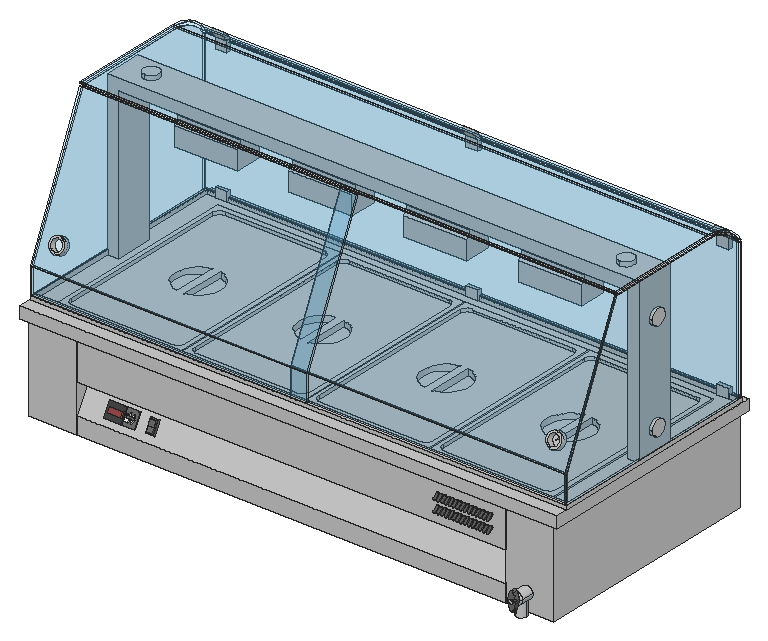
Revit family "QF_INOMAK_MBV614_250605024519", category Specialty Equipment, Revit 2021
Family settings
  Round Connector Dimension = Use Diameter
  Part Type = Normal
  OmniClass Number = 23.40.40.14
  OmniClass Title = Food Service Equipment
  Work Plane-Based = No
  Always vertical = Yes
  Cut with Voids When Loaded = No
  Shared = No
  Room Calculation Point = No
Parameters (values of type "MBV614")
  Weight [instance] = 69.9984 kg
  Waste Water Discharge Temperature [instance] = 0 °C
  Waste Remarks [instance] = ""
  Warranty Start Date [instance] = ""
  Warranty Duration [instance] = ""
  Volts [instance] = 230 V
  Volt Free Conn [instance] = no
  URL Recommended Spares List [instance] = ""
  URL Manufacturer [instance] = ""
  URL Cutsheet [instance] = ""
  URL Critical Spares List [instance] = ""
  URL = "www.inomak.com"
  Technical Documentation [instance] = ""
  Tag Number [instance] = ""
  Status [instance] = ""
  Start Up Current [instance] = 0 A
  Specification by User [instance] = ""
  Specification by Manufacturer [instance] = ""
  Sound Level [instance] = ""
  Show Logo [instance] = yes
  Show Clearances [instance] = yes
  Service Life Duration [instance] = ""
  Serial Number [instance] = ""
  Seismic Rating [instance] = ""
  SMACNA No [instance] = ""
  Revision Code [instance] = ""
  Revision [instance] = ""
  Production Year [instance] = ""
  Potential Equalisation [instance] = no
  Point Load [instance] = 0
  Plumbing Connection Type [instance] = ""
  Phase [instance] = 1
  Other Equipment Approvals [instance] = ""
  Operational Current [instance] = 0 A
  Number of Poles [instance] = 2
  No Load Power Draw [instance] = no
  NAFEM Spec ID Number [instance] = ""
  Model Warning [instance] = ""
  Model = "MBV614"
  Min Ckt Ampacity [instance] = 0 A
  Max Overcurrent Protection [instance] = 16 A
  Masterspec [instance] = ""
  Manufacturer = "INOMAK"
  Main switch integrated [instance] = no
  Length Actual [instance] = 1405.89 mm
  Item Number [instance] = ""
  Installed By [instance] = ""
  Installation Date [instance] = ""
  Indirect Waste Size [instance] = 25.4 mm
  Indirect Waste Remarks [instance] = ""
  Indirect Waste Flow [instance] = 0.0 L/s
  Indirect Waste Connection Type [instance] = ""
  Indirect Waste Connection Height [instance] = 0 mm
  Identify Quantity as Lot [instance] = no
  ID [instance] = ""
  Hygiene Approval [instance] = ""
  Height Actual [instance] = 707.898 mm
  HP power [instance] = ""
  Furnished By [instance] = ""
  Foodservice Equipment Identifier [instance] = no
  FL Amps [instance] = 11 A
  Electrical Remarks [instance] = ""
  Electric power [instance] = 2520 W
  Electric Connection Type [instance] = ""
  Elec Conn RI Height [instance] = 0 mm
  Elec Conn Connection Height [instance] = 0 mm
  ETL Approved [instance] = no
  Direct Waste Water Discharge Temperature [instance] = -273.15 °C
  Direct Waste Size [instance] = 25.4 mm
  Direct Waste RI Height [instance] = 0 mm
  Direct Waste Flow [instance] = 0.0 L/s
  Direct Waste Connection Height [instance] = 0 mm
  Description = "PORTABLE BAIN MARIE WITH 4 GN PANS CAPACITY AND SHOWCASE"
  Depth Actual [instance] = 628.904 mm
  Default Elevation = 0 mm
  Cycle [instance] = 50 Hz
  Cost = 0
  Connection to energy optimisation system [instance] = yes
  Conn Plug [instance] = ""
  Conn Conduit [instance] = no
  Centralized building control system with digital interface [instance] = ""
  CSI MasterFormat [instance] = ""
  CE Approved [instance] = no
  Barcode [instance] = 0
  Author [instance] = ""
  Asset Identifier [instance] = ""
  Apparent Power [instance] = 2520 VA
  Accessory [instance] = no
Reference planes
  plane 1 "Center (Front/Back)": y = 0
  plane 2: z = 0
  plane 3 "Center (Left/Right)": x = 0
Forms (mm)
  Extrusion 1, solid, not visible
    sketch origin (1320.064, -600.029, 12.001) x (1, 0, 0) y (0, 1, 0)
      loop
        line (-2, 2) -> (-2, -2) -> (2, -2) -> (2, 2) -> (-2, 2)
    from -2 to 2
  Extrusion 2, solid, not visible
    sketch origin (80.004, -600.029, 12.001) x (1, 0, 0) y (0, 1, 0)
      loop
        line (-2, 2) -> (-2, -2) -> (2, -2) -> (2, 2) -> (-2, 2)
    from -2 to 2
Dimensions and locks
  locked: nested 2 to Extrusion 1 at 2  (x2)
  locked: nested 3 to Extrusion 2 at 2  (x2)
  aligned and locked: level to plane 2
Nested families
  nested 1: "QF_INOMAK_PORTABLE_BAIN_MARIES_1410_2920" at (0, 0, 0), type "MBV614"
    with Weight 69.9984 kg, Warranty Start Date "", Warranty Duration "", URL Cutsheet "", Technical Documentation "", Tag Number "", Status "", Specification by User "", Specification by Manufacturer "", Sound Level "", Solid Fuel Type "", Show Logo yes, Show Clearances yes, Service Life Duration "", Serial Number "", Seismic Rating "", SMACNA No "", Revision Code "", Revision "", Production Year "", Point Load 0, Other Equipment Approvals "", NAFEM Spec ID Number "", Model Warning "", Masterspec "", Length Actual 1405.89 mm, Item Number "", Installed By "", Installation Date "", Identify Quantity as Lot yes, ID "", Hygiene Approval "", Height Actual 707.898 mm, Furnished By "", Foodservice Equipment Identifier yes, ETL Approved yes, Depth Actual 628.904 mm, CSI MasterFormat "", CE Approved yes, Barcode "", Author "", Asset Identifier "", Accessory no
  nested 2: "CONN_POINT_DRAIN_2D___Generic_Annotation" at (1320.064, -600.029, 10), type "CONN_POINT_DRAIN_2D___Generic_Annotation"
    with Onboard connection annotation symbol visibility yes
  nested 3: "CONN_POINT_ELE_2D___Generic_Annotation" at (80.004, -600.029, 10), type "CONN_POINT_ELE_2D___Generic_Annotation"
    with Onboard connection annotation symbol visibility yes
  nested 4: "QF_INOMAK_HEAT_WORKTOPS_HTVF_1410_4767" at (0, 0, 268), type "HTVF-1410-630"
    with Weight 0.00 kg, Warranty Start Date "", Warranty Duration "", URL Cutsheet "", Technical Documentation "", Tag Number "", Status "", Specification by User "", Specification by Manufacturer "", Sound Level "", Solid Fuel Type "", Show Logo yes, Show Clearances yes, Service Life Duration "", Serial Number "", Seismic Rating "", SMACNA No "", Revision Code "", Revision "", Production Year "", Point Load 0, Other Equipment Approvals "", NAFEM Spec ID Number "", Model Warning "", Masterspec "", Length Actual 1405.89 mm, Item Number "", Installed By "", Installation Date "", Identify Quantity as Lot yes, ID "", Hygiene Approval "", Height Actual 439.928 mm, Furnished By "", Foodservice Equipment Identifier yes, ETL Approved yes, Depth Actual 629.92 mm, CSI MasterFormat "", CE Approved yes, Barcode "", Author "", Asset Identifier "", Accessory yes
Connectors
  piping at (1320.064, -600.029, 10), diameter 25.4, driven by "Indirect Waste Size", driven by "Direct Waste Flow"
    settings: on Extrusion 1, index 1, connector inside diameter 609.6 mm, connector length 0 mm, flow factor 0, pipe flow 0.0 L/s, pressure drop 0.0 Pa, fitting loss kfactor 0, connector angle 0.00°, fixture units 0, engagement length 0 mm, angle of deflection 0.00°, flow configuration 1, flow direction 2, fitting loss method 0, system type 16, joint type 0, gender type 0, connector reference index -1, connector utility 0, adjustable connector no, is connector primary yes, connector description "Waste connection for MBV614"
  electrical at (80.004, -600.029, 10), driven by "Apparent Power", driven by "Number of Poles", driven by "Volts"
    settings: on Extrusion 2, index 2, voltage 230 V, apparent load 0 VA, apparent load phase1 2520 VA, apparent load phase2 0 VA, apparent load phase3 0 VA, power factor 1, load classification "Other", number of poles 2, system type 31, power factor state 1, is connector primary yes, connector utility no, sub classification motor no, connector description "Electrical connection for MBV614"
Definition of nested family "QF_INOMAK_PORTABLE_BAIN_MARIES_1410_2920"
  Parameters (values of type "MSV614")
    Weight [instance] = 0.00 kg
    Warranty Start Date [instance] = ""
    Warranty Duration [instance] = ""
    URL Cutsheet [instance] = ""
    URL = "www.inomak.com"
    Technical Documentation [instance] = ""
    Tag Number [instance] = ""
    Status [instance] = ""
    Specification by User [instance] = ""
    Specification by Manufacturer [instance] = ""
    Sound Level [instance] = ""
    Solid Fuel Type [instance] = ""
    Show Logo [instance] = yes
    Show Clearances [instance] = yes
    Service Life Duration [instance] = ""
    Serial Number [instance] = ""
    Seismic Rating [instance] = ""
    SMACNA No [instance] = ""
    Revision Code [instance] = ""
    Revision [instance] = ""
    Production Year [instance] = ""
    Point Load [instance] = 0
    Other Equipment Approvals [instance] = ""
    NAFEM Spec ID Number [instance] = ""
    Model Warning [instance] = ""
    Model = "MSV614"
    Masterspec [instance] = ""
    Manufacturer = "INOMAK"
    Length Actual [instance] = 0 mm
    Item Number [instance] = ""
    Installed By [instance] = ""
    Installation Date [instance] = ""
    Identify Quantity as Lot [instance] = yes
    ID [instance] = ""
    Hygiene Approval [instance] = ""
    Height Actual [instance] = 0 mm
    Furnished By [instance] = ""
    Foodservice Equipment Identifier [instance] = yes
    ETL Approved [instance] = yes
    Description = "PORTABLE BAIN MARIE WITH 4 GN PANS CAPACITY AND DOUBLE SNEEZE GUARD"
    Depth Actual [instance] = 0 mm
    Default Elevation = 0 mm
    CSI MasterFormat [instance] = ""
    CE Approved [instance] = yes
    Barcode [instance] = ""
    Author [instance] = ""
    Asset Identifier [instance] = ""
    Assembly Code = "E1090320"
    Accessory [instance] = yes
  Types (5, lengths in mm): name | Model | Description
    MBV614 | "MBV614" | "PORTABLE BAIN MARIE WITH 4 GN PANS CAPACITY AND SHOWCASE"
    MEV614 | "MEV614" | "PORTABLE BAIN MARIE WITH 4 GN PANS CAPACITY AND SINGLE SNEEZE GUARD"
    MSV614 | "MSV614" | "PORTABLE BAIN MARIE WITH 4 GN PANS CAPACITY AND DOUBLE SNEEZE GUARD"
    MBSQ614 | "MBSQ614" | "PORTABLE BAIN MARIE WITH 4 GN PANS CAPACITY AND SQUARE SHOWCASE"
    MAV614 | "MAV614" | "PORTABLE BAIN MARIE WITH 4 GN PANS CAPACITY"
  Reference planes
    plane 1 "Back": y = 0
    plane 2: z = 0
    plane 3 "Left": x = 0
    plane 4 "Right": x = 1406
    plane 5 "Front": y = -629
    plane 6 "Top": z = 268
  Forms (mm)
    Extrusion 1, solid
      sketch origin (562.428, -636, -16.393) x (-1, 0, 0) y (0, 0, 1)
        loop
          arc (-522.253, 222.665) -> (-526.351, 223.763) -> (-527.449, 219.665) r 3
          line (-527.449, 219.665) -> (-518.449, 204.077)
          arc (-518.449, 204.077) -> (-514.351, 202.979) -> (-513.253, 207.077) r 3
          line (-513.253, 207.077) -> (-522.253, 222.665)
        loop
          arc (-532.253, 222.665) -> (-536.351, 223.763) -> (-537.449, 219.665) r 3
          line (-537.449, 219.665) -> (-528.449, 204.077)
          arc (-528.449, 204.077) -> (-524.351, 202.979) -> (-523.253, 207.077) r 3
          line (-523.253, 207.077) -> (-532.253, 222.665)
        loop
          arc (-542.253, 222.665) -> (-546.351, 223.763) -> (-547.449, 219.665) r 3
          line (-547.449, 219.665) -> (-538.449, 204.077)
          arc (-538.449, 204.077) -> (-534.351, 202.979) -> (-533.253, 207.077) r 3
          line (-533.253, 207.077) -> (-542.253, 222.665)
        loop
          arc (-552.253, 222.665) -> (-556.351, 223.763) -> (-557.449, 219.665) r 3
          line (-557.449, 219.665) -> (-548.449, 204.077)
          arc (-548.449, 204.077) -> (-544.351, 202.979) -> (-543.253, 207.077) r 3
          line (-543.253, 207.077) -> (-552.253, 222.665)
        loop
          arc (-562.253, 222.665) -> (-566.351, 223.763) -> (-567.449, 219.665) r 3
          line (-567.449, 219.665) -> (-558.449, 204.077)
          arc (-558.449, 204.077) -> (-554.351, 202.979) -> (-553.253, 207.077) r 3
          line (-553.253, 207.077) -> (-562.253, 222.665)
        loop
          arc (-572.253, 222.665) -> (-576.351, 223.763) -> (-577.449, 219.665) r 3
          line (-577.449, 219.665) -> (-568.449, 204.077)
          arc (-568.449, 204.077) -> (-564.351, 202.979) -> (-563.253, 207.077) r 3
          line (-563.253, 207.077) -> (-572.253, 222.665)
        loop
          arc (-582.253, 222.665) -> (-586.351, 223.763) -> (-587.449, 219.665) r 3
          line (-587.449, 219.665) -> (-578.449, 204.077)
          arc (-578.449, 204.077) -> (-574.351, 202.979) -> (-573.253, 207.077) r 3
          line (-573.253, 207.077) -> (-582.253, 222.665)
        loop
          arc (-592.253, 222.665) -> (-596.351, 223.763) -> (-597.449, 219.665) r 3
          line (-597.449, 219.665) -> (-588.449, 204.077)
          arc (-588.449, 204.077) -> (-584.351, 202.979) -> (-583.253, 207.077) r 3
          line (-583.253, 207.077) -> (-592.253, 222.665)
        loop
          arc (-602.253, 222.665) -> (-606.351, 223.763) -> (-607.449, 219.665) r 3
          line (-607.449, 219.665) -> (-598.449, 204.077)
          arc (-598.449, 204.077) -> (-594.351, 202.979) -> (-593.253, 207.077) r 3
          line (-593.253, 207.077) -> (-602.253, 222.665)
        loop
          arc (-612.253, 222.665) -> (-616.351, 223.763) -> (-617.449, 219.665) r 3
          line (-617.449, 219.665) -> (-608.449, 204.077)
          arc (-608.449, 204.077) -> (-604.351, 202.979) -> (-603.253, 207.077) r 3
          line (-603.253, 207.077) -> (-612.253, 222.665)
        loop
          arc (-622.253, 222.665) -> (-626.351, 223.763) -> (-627.449, 219.665) r 3
          line (-627.449, 219.665) -> (-618.449, 204.077)
          arc (-618.449, 204.077) -> (-614.351, 202.979) -> (-613.253, 207.077) r 3
          line (-613.253, 207.077) -> (-622.253, 222.665)
        loop
          arc (-632.253, 222.665) -> (-636.351, 223.763) -> (-637.449, 219.665) r 3
          line (-637.449, 219.665) -> (-628.449, 204.077)
          arc (-628.449, 204.077) -> (-624.351, 202.979) -> (-623.253, 207.077) r 3
          line (-623.253, 207.077) -> (-632.253, 222.665)
        loop
          arc (-642.253, 222.665) -> (-646.351, 223.763) -> (-647.449, 219.665) r 3
          line (-647.449, 219.665) -> (-638.449, 204.077)
          arc (-638.449, 204.077) -> (-634.351, 202.979) -> (-633.253, 207.077) r 3
          line (-633.253, 207.077) -> (-642.253, 222.665)
        loop
          arc (-652.253, 222.665) -> (-656.351, 223.763) -> (-657.449, 219.665) r 3
          line (-657.449, 219.665) -> (-648.449, 204.077)
          arc (-648.449, 204.077) -> (-644.351, 202.979) -> (-643.253, 207.077) r 3
          line (-643.253, 207.077) -> (-652.253, 222.665)
        loop
          arc (-662.253, 222.665) -> (-666.351, 223.763) -> (-667.449, 219.665) r 3
          line (-667.449, 219.665) -> (-658.449, 204.077)
          arc (-658.449, 204.077) -> (-654.351, 202.979) -> (-653.253, 207.077) r 3
          line (-653.253, 207.077) -> (-662.253, 222.665)
        loop
          arc (-522.253, 192.665) -> (-526.351, 193.763) -> (-527.449, 189.665) r 3
          line (-527.449, 189.665) -> (-518.449, 174.077)
          arc (-518.449, 174.077) -> (-514.351, 172.979) -> (-513.253, 177.077) r 3
          line (-513.253, 177.077) -> (-522.253, 192.665)
        loop
          arc (-532.253, 192.665) -> (-536.351, 193.763) -> (-537.449, 189.665) r 3
          line (-537.449, 189.665) -> (-528.449, 174.077)
          arc (-528.449, 174.077) -> (-524.351, 172.979) -> (-523.253, 177.077) r 3
          line (-523.253, 177.077) -> (-532.253, 192.665)
        loop
          arc (-542.253, 192.665) -> (-546.351, 193.763) -> (-547.449, 189.665) r 3
          line (-547.449, 189.665) -> (-538.449, 174.077)
          arc (-538.449, 174.077) -> (-534.351, 172.979) -> (-533.253, 177.077) r 3
          line (-533.253, 177.077) -> (-542.253, 192.665)
        loop
          arc (-552.253, 192.665) -> (-556.351, 193.763) -> (-557.449, 189.665) r 3
          line (-557.449, 189.665) -> (-548.449, 174.077)
          arc (-548.449, 174.077) -> (-544.351, 172.979) -> (-543.253, 177.077) r 3
          line (-543.253, 177.077) -> (-552.253, 192.665)
        loop
          arc (-562.253, 192.665) -> (-566.351, 193.763) -> (-567.449, 189.665) r 3
          line (-567.449, 189.665) -> (-558.449, 174.077)
          arc (-558.449, 174.077) -> (-554.351, 172.979) -> (-553.253, 177.077) r 3
          line (-553.253, 177.077) -> (-562.253, 192.665)
        loop
          arc (-572.253, 192.665) -> (-576.351, 193.763) -> (-577.449, 189.665) r 3
          line (-577.449, 189.665) -> (-568.449, 174.077)
          arc (-568.449, 174.077) -> (-564.351, 172.979) -> (-563.253, 177.077) r 3
          line (-563.253, 177.077) -> (-572.253, 192.665)
        loop
          arc (-582.253, 192.665) -> (-586.351, 193.763) -> (-587.449, 189.665) r 3
          line (-587.449, 189.665) -> (-578.449, 174.077)
          arc (-578.449, 174.077) -> (-574.351, 172.979) -> (-573.253, 177.077) r 3
          line (-573.253, 177.077) -> (-582.253, 192.665)
        loop
          arc (-592.253, 192.665) -> (-596.351, 193.763) -> (-597.449, 189.665) r 3
          line (-597.449, 189.665) -> (-588.449, 174.077)
          arc (-588.449, 174.077) -> (-584.351, 172.979) -> (-583.253, 177.077) r 3
          line (-583.253, 177.077) -> (-592.253, 192.665)
        loop
          arc (-602.253, 192.665) -> (-606.351, 193.763) -> (-607.449, 189.665) r 3
          line (-607.449, 189.665) -> (-598.449, 174.077)
          arc (-598.449, 174.077) -> (-594.351, 172.979) -> (-593.253, 177.077) r 3
          line (-593.253, 177.077) -> (-602.253, 192.665)
        loop
          arc (-612.253, 192.665) -> (-616.351, 193.763) -> (-617.449, 189.665) r 3
          line (-617.449, 189.665) -> (-608.449, 174.077)
          arc (-608.449, 174.077) -> (-604.351, 172.979) -> (-603.253, 177.077) r 3
          line (-603.253, 177.077) -> (-612.253, 192.665)
        loop
          arc (-622.253, 192.665) -> (-626.351, 193.763) -> (-627.449, 189.665) r 3
          line (-627.449, 189.665) -> (-618.449, 174.077)
          arc (-618.449, 174.077) -> (-614.351, 172.979) -> (-613.253, 177.077) r 3
          line (-613.253, 177.077) -> (-622.253, 192.665)
        loop
          arc (-632.253, 192.665) -> (-636.351, 193.763) -> (-637.449, 189.665) r 3
          line (-637.449, 189.665) -> (-628.449, 174.077)
          arc (-628.449, 174.077) -> (-624.351, 172.979) -> (-623.253, 177.077) r 3
          line (-623.253, 177.077) -> (-632.253, 192.665)
        loop
          arc (-642.253, 192.665) -> (-646.351, 193.763) -> (-647.449, 189.665) r 3
          line (-647.449, 189.665) -> (-638.449, 174.077)
          arc (-638.449, 174.077) -> (-634.351, 172.979) -> (-633.253, 177.077) r 3
          line (-633.253, 177.077) -> (-642.253, 192.665)
        loop
          arc (-652.253, 192.665) -> (-656.351, 193.763) -> (-657.449, 189.665) r 3
          line (-657.449, 189.665) -> (-648.449, 174.077)
          arc (-648.449, 174.077) -> (-644.351, 172.979) -> (-643.253, 177.077) r 3
          line (-643.253, 177.077) -> (-652.253, 192.665)
        loop
          arc (-662.253, 192.665) -> (-666.351, 193.763) -> (-667.449, 189.665) r 3
          line (-667.449, 189.665) -> (-658.449, 174.077)
          arc (-658.449, 174.077) -> (-654.351, 172.979) -> (-653.253, 177.077) r 3
          line (-653.253, 177.077) -> (-662.253, 192.665)
      from 16.5 to 18.5
    Extrusion 2, solid
      sketch origin (0, -641.208, 0) x (-1, 0, 0) y (0, 0, 1)
        loop
          line (-15, 10) -> (-15, 238) -> (-140, 238) -> (-140, 10) -> (-15, 10)
      from 22.208 to 631.208
    Extrusion 3, solid
      sketch origin (0, 0, 238) x (1, 0, 0) y (0, 1, 0)
        loop
          line (0, 0) -> (0, -629) -> (1406, -629) -> (1406, 0) -> (0, 0)
        loop
          line (53, -579) -> (1353, -579) -> (1353, -49) -> (53, -49) -> (53, -579)
      from 0 to 30
    Extrusion 4, solid
      sketch origin (1406, -641.208, 0) x (1, 0, 0) y (0, 0, -1)
        loop
          line (-15, -10) -> (-140, -10) -> (-140, -238) -> (-15, -238) -> (-15, -10)
      from 22.208 to 631.208
    Extrusion 5, solid
      sketch origin (-2, 0, 0) x (0, 1, 0) y (0, 0, 1)
        loop
          line (-619, 238) -> (-619, 133.92) -> (-579, 124.282) -> (-619, 55) -> (-619, 10) -> (-10, 10) -> (-10, 238) -> (-619, 238)
      from 142 to 1268
    Revolve 6, solid
      sketch origin (0, -594, 0) x (-1, 0, 0) y (0, 0, 1)
        loop
          line (-27.5, 10) -> (-40, 10) -> (-40, 0) -> (-30, 0) -> (-27.5, 10)
        axis (-40, 0) -> (-40, 10)
      angle from 0 to 360
    Revolve 7, solid
      sketch origin (1406, -594, 0) x (1, 0, 0) y (0, 0, -1)
        loop
          line (-27.5, -10) -> (-30, 0) -> (-40, 0) -> (-40, -10) -> (-27.5, -10)
        axis (-40, 0) -> (-40, -10)
      angle from 0 to 360
    Extrusion 8, solid
      sketch origin (-2, -646.329, 9.665) x (-1, 0, 0) y (0, 0.5, 0.866025)
        loop
          line (-208.234, 108.408) -> (-253.234, 108.408) -> (-253.234, 68.408) -> (-208.234, 68.408) -> (-208.234, 108.408)
      from 0 to 2
    Extrusion 9, solid
      sketch origin (-613.766, -619.914, 59.417) x (-1, 0, 0) y (0, 0.5, 0.866025)
        loop
          line (-950, 15) -> (-930, 15) -> (-930, 50) -> (-950, 50) -> (-950, 15)
      from 0 to 3
    Extrusion 10, solid
      sketch origin (-585.766, -511.66, -3.083) x (0, 0.866025, -0.5) y (0, 0.5, 0.866025)
        loop
          line (-125, 18) -> (-125, 47)
          arc (-125, 47) -> (-127.961, 46.812) -> (-130.754, 45.81) r 10.576
          line (-130.754, 45.81) -> (-128, 32.5) -> (-128, 18) -> (-125, 18)
      from 905 to 919
    Extrusion 11, solid
      sketch origin (43, -646.329, 9.665) x (-1, 0, 0) y (0, 0.5, 0.866025)
        loop
          line (-208.234, 108.408) -> (-243.234, 108.408) -> (-243.234, 68.408) -> (-208.234, 68.408) -> (-208.234, 108.408)
      from 0 to 2
    Extrusion 12, solid
      sketch origin (-2, -646.762, 9.915) x (-1, 0, 0) y (0, 0.5, 0.866025)
        loop
          line (-213.234, 94.908) -> (-248.234, 94.908) -> (-248.234, 81.908) -> (-213.234, 81.908) -> (-213.234, 94.908)
      from 0 to 2.5
    Extrusion 13, solid
      sketch origin (-2, -646.762, 9.915) x (-1, 0, 0) y (0, 0.5, 0.866025)
        loop
          line (-271.558, 91.171) -> (-275.802, 98.522) -> (-280.047, 91.171) -> (-271.558, 91.171)
        loop
          line (-271.558, 85.645) -> (-280.047, 85.645) -> (-275.802, 78.294) -> (-271.558, 85.645)
        loop
          line (-257.397, 85.645) -> (-267.397, 85.645) -> (-267.397, 78.294) -> (-257.397, 78.294) -> (-257.397, 85.645)
        loop
          line (-265.397, 98.522) -> (-267.397, 98.522) -> (-267.397, 92.322) -> (-259.549, 92.322) -> (-259.549, 91.171) -> (-257.397, 93.322) -> (-259.549, 95.474) -> (-259.549, 94.322) -> (-265.397, 94.322) -> (-265.397, 98.522)
      from 0 to 2.5
    Revolve 14, solid
      sketch origin (0, -25, 0) x (-1, 0, 0) y (0, 0, -1)
        loop
          line (-27.5, -10) -> (-30, 0) -> (-40, 0) -> (-40, -10) -> (-27.5, -10)
        axis (-40, 0) -> (-40, -10)
      angle from 0 to 360
    Revolve 15, solid
      sketch origin (1406, -25, 0) x (1, 0, 0) y (0, 0, 1)
        loop
          line (-27.5, 10) -> (-40, 10) -> (-40, 0) -> (-30, 0) -> (-27.5, 10)
        axis (-40, 0) -> (-40, 10)
      angle from 0 to 360
    Extrusion 16, solid
      sketch origin (648, 4.125, 0) x (1, 0, 0) y (0, 1, 0)
        loop
          circle (672.38, -640.973) r 13
        loop
          circle (672.38, -640.973) r 11
      from 10 to 55
    Revolve 17, solid
      sketch origin (648, 1, 55) x (1, 0, 0) y (0, 1, 0)
        loop
          line (657.38, -620) -> (657.38, -651.68) -> (662.497, -655.973) -> (672.497, -655.973) -> (672.497, -620) -> (657.38, -620)
        axis (672.497, -655.973) -> (672.497, -620)
      angle from 0 to 360
    Extrusion 18, solid
      sketch origin (648, -629, 0) x (-1, 0, 0) y (0, 0, 1)
        loop
          circle (-672.38, 55) r 5
      from -41.78 to -25.973
    Extrusion 19, solid
      sketch origin (648, -629, 0) x (-1, 0, 0) y (0, 0, 1)
        loop
          arc (-682.087, 57.836) -> (-682.497, 55) -> (-682.087, 52.164) r 10
          line (-682.087, 52.164) -> (-676.619, 33.676)
          arc (-676.619, 33.676) -> (-672.497, 30.597) -> (-668.376, 33.676) r 4.298
          line (-668.376, 33.676) -> (-662.908, 52.164)
          arc (-662.908, 52.164) -> (-662.497, 55) -> (-662.908, 57.836) r 10
          line (-662.908, 57.836) -> (-668.376, 76.324)
          arc (-668.376, 76.324) -> (-672.497, 79.403) -> (-676.619, 76.324) r 4.298
          line (-676.619, 76.324) -> (-682.087, 57.836)
      from -39.243 to -29.243
    Extrusion 20, solid
      sketch origin (-2, 1, 0) x (1, 0, 0) y (0, 1, 0)
        loop
          line (55, -50) -> (55, -580) -> (380, -580) -> (380, -50) -> (55, -50)
        loop
          arc (87.5, -65) -> (73.358, -70.858) -> (67.5, -85) r 20
          line (67.5, -85) -> (67.5, -545.415)
          arc (67.5, -545.415) -> (73.358, -559.557) -> (87.5, -565.415) r 20
          line (87.5, -565.415) -> (347.5, -565.415)
          arc (347.5, -565.415) -> (361.642, -559.557) -> (367.5, -545.415) r 20
          line (367.5, -545.415) -> (367.5, -85)
          arc (367.5, -85) -> (361.642, -70.858) -> (347.5, -65) r 20
          line (347.5, -65) -> (87.5, -65)
      from 238 to 270
    Extrusion 21, solid
      sketch origin (-2, 1, -7) x (1, 0, 0) y (0, 1, 0)
        loop
          arc (67.5, -545.415) -> (73.358, -559.557) -> (87.5, -565.415) r 20
          line (87.5, -565.415) -> (347.5, -565.415)
          arc (347.5, -565.415) -> (361.642, -559.557) -> (367.5, -545.415) r 20
          line (367.5, -545.415) -> (367.5, -85)
          arc (367.5, -85) -> (361.642, -70.858) -> (347.5, -65) r 20
          line (347.5, -65) -> (87.5, -65)
          arc (87.5, -65) -> (73.358, -70.858) -> (67.5, -85) r 20
          line (67.5, -85) -> (67.5, -545.415)
      from 245 to 270
    Extrusion 22, void
      sketch origin (-2, 1, 8) x (1, 0, 0) y (0, 1, 0)
        loop
          arc (207.5, -256.046) -> (157.5, -315.207) -> (207.5, -374.368) r 60
          line (207.5, -374.368) -> (207.5, -256.046)
        loop
          line (227.5, -256.046) -> (227.5, -374.368)
          arc (227.5, -374.368) -> (277.5, -315.207) -> (227.5, -256.046) r 60
      from 240 to 270
    Extrusion 23, solid
      sketch origin (323, 1, 0) x (1, 0, 0) y (0, 1, 0)
        loop
          line (55, -50) -> (55, -580) -> (380, -580) -> (380, -50) -> (55, -50)
        loop
          arc (87.5, -65) -> (73.358, -70.858) -> (67.5, -85) r 20
          line (67.5, -85) -> (67.5, -545.415)
          arc (67.5, -545.415) -> (73.358, -559.557) -> (87.5, -565.415) r 20
          line (87.5, -565.415) -> (347.5, -565.415)
          arc (347.5, -565.415) -> (361.642, -559.557) -> (367.5, -545.415) r 20
          line (367.5, -545.415) -> (367.5, -85)
          arc (367.5, -85) -> (361.642, -70.858) -> (347.5, -65) r 20
          line (347.5, -65) -> (87.5, -65)
      from 238 to 270
    Extrusion 24, solid
      sketch origin (323, 1, -7) x (1, 0, 0) y (0, 1, 0)
        loop
          arc (67.5, -545.415) -> (73.358, -559.557) -> (87.5, -565.415) r 20
          line (87.5, -565.415) -> (347.5, -565.415)
          arc (347.5, -565.415) -> (361.642, -559.557) -> (367.5, -545.415) r 20
          line (367.5, -545.415) -> (367.5, -85)
          arc (367.5, -85) -> (361.642, -70.858) -> (347.5, -65) r 20
          line (347.5, -65) -> (87.5, -65)
          arc (87.5, -65) -> (73.358, -70.858) -> (67.5, -85) r 20
          line (67.5, -85) -> (67.5, -545.415)
      from 245 to 270
    Extrusion 25, void
      sketch origin (323, 1, 8) x (1, 0, 0) y (0, 1, 0)
        loop
          arc (207.5, -256.046) -> (157.5, -315.207) -> (207.5, -374.368) r 60
          line (207.5, -374.368) -> (207.5, -256.046)
        loop
          line (227.5, -256.046) -> (227.5, -374.368)
          arc (227.5, -374.368) -> (277.5, -315.207) -> (227.5, -256.046) r 60
      from 240 to 270
    Extrusion 26, solid
      sketch origin (648, 1, 0) x (1, 0, 0) y (0, 1, 0)
        loop
          line (55, -50) -> (55, -580) -> (380, -580) -> (380, -50) -> (55, -50)
        loop
          arc (87.5, -65) -> (73.358, -70.858) -> (67.5, -85) r 20
          line (67.5, -85) -> (67.5, -545.415)
          arc (67.5, -545.415) -> (73.358, -559.557) -> (87.5, -565.415) r 20
          line (87.5, -565.415) -> (347.5, -565.415)
          arc (347.5, -565.415) -> (361.642, -559.557) -> (367.5, -545.415) r 20
          line (367.5, -545.415) -> (367.5, -85)
          arc (367.5, -85) -> (361.642, -70.858) -> (347.5, -65) r 20
          line (347.5, -65) -> (87.5, -65)
      from 238 to 270
    Extrusion 27, solid
      sketch origin (648, 1, -7) x (1, 0, 0) y (0, 1, 0)
        loop
          arc (67.5, -545.415) -> (73.358, -559.557) -> (87.5, -565.415) r 20
          line (87.5, -565.415) -> (347.5, -565.415)
          arc (347.5, -565.415) -> (361.642, -559.557) -> (367.5, -545.415) r 20
          line (367.5, -545.415) -> (367.5, -85)
          arc (367.5, -85) -> (361.642, -70.858) -> (347.5, -65) r 20
          line (347.5, -65) -> (87.5, -65)
          arc (87.5, -65) -> (73.358, -70.858) -> (67.5, -85) r 20
          line (67.5, -85) -> (67.5, -545.415)
      from 245 to 270
    Extrusion 28, void
      sketch origin (648, 1, 8) x (1, 0, 0) y (0, 1, 0)
        loop
          arc (207.5, -256.046) -> (157.5, -315.207) -> (207.5, -374.368) r 60
          line (207.5, -374.368) -> (207.5, -256.046)
        loop
          line (227.5, -256.046) -> (227.5, -374.368)
          arc (227.5, -374.368) -> (277.5, -315.207) -> (227.5, -256.046) r 60
      from 240 to 270
    Extrusion 29, solid
      sketch origin (973, 1, 0) x (1, 0, 0) y (0, 1, 0)
        loop
          line (55, -50) -> (55, -580) -> (380, -580) -> (380, -50) -> (55, -50)
        loop
          arc (87.5, -65) -> (73.358, -70.858) -> (67.5, -85) r 20
          line (67.5, -85) -> (67.5, -545.415)
          arc (67.5, -545.415) -> (73.358, -559.557) -> (87.5, -565.415) r 20
          line (87.5, -565.415) -> (347.5, -565.415)
          arc (347.5, -565.415) -> (361.642, -559.557) -> (367.5, -545.415) r 20
          line (367.5, -545.415) -> (367.5, -85)
          arc (367.5, -85) -> (361.642, -70.858) -> (347.5, -65) r 20
          line (347.5, -65) -> (87.5, -65)
      from 238 to 270
    Extrusion 30, solid
      sketch origin (973, 1, -7) x (1, 0, 0) y (0, 1, 0)
        loop
          arc (67.5, -545.415) -> (73.358, -559.557) -> (87.5, -565.415) r 20
          line (87.5, -565.415) -> (347.5, -565.415)
          arc (347.5, -565.415) -> (361.642, -559.557) -> (367.5, -545.415) r 20
          line (367.5, -545.415) -> (367.5, -85)
          arc (367.5, -85) -> (361.642, -70.858) -> (347.5, -65) r 20
          line (347.5, -65) -> (87.5, -65)
          arc (87.5, -65) -> (73.358, -70.858) -> (67.5, -85) r 20
          line (67.5, -85) -> (67.5, -545.415)
      from 245 to 270
    Extrusion 31, void
      sketch origin (973, 1, 8) x (1, 0, 0) y (0, 1, 0)
        loop
          arc (207.5, -256.046) -> (157.5, -315.207) -> (207.5, -374.368) r 60
          line (207.5, -374.368) -> (207.5, -256.046)
        loop
          line (227.5, -256.046) -> (227.5, -374.368)
          arc (227.5, -374.368) -> (277.5, -315.207) -> (227.5, -256.046) r 60
      from 240 to 270
  Cuts and joins
    Extrusion 22, Extrusion 25 cuts Extrusion 21
    Extrusion 25, Extrusion 28 cuts Extrusion 24
    Extrusion 28, Extrusion 31 cuts Extrusion 27
    Extrusion 31 cuts Extrusion 30
  Lines and regions (mm)
    symbolic lines
      curve 1: line (0, 0, 0) -> (1406, 0, 0)
      curve 2: line (0, -629, 0) -> (0, 0, 0)
      curve 3: line (1406, -629, 0) -> (0, -629, 0)
      curve 4: line (1406, 0, 0) -> (1406, -629, 0)
      curve 5: line (53, -49, 0) -> (1353, -49, 0)
      curve 6: line (53, -579, 0) -> (53, -49, 0)
      curve 7: line (1353, -579, 0) -> (53, -579, 0)
      curve 8: line (703, -49, 0) -> (703, -579, 0)
      curve 9: line (378, -49, 0) -> (378, -579, 0)
      curve 10: line (1028, -49, 0) -> (1028, -579, 0)
      curve 11: line (1353, -49, 0) -> (1353, -579, 0)
      curve 12: arc (65.5, -84, 0) -> (71.358, -69.858, 0) -> (85.5, -64, 0) r 20
      curve 13: line (85.5, -64, 0) -> (345.5, -64, 0)
      curve 14: arc (345.5, -64, 0) -> (359.642, -69.858, 0) -> (365.5, -84, 0) r 20
      curve 15: line (365.5, -84, 0) -> (365.5, -544.415, 0)
      curve 16: arc (365.5, -544.415, 0) -> (359.642, -558.557, 0) -> (345.5, -564.415, 0) r 20
      curve 17: line (345.5, -564.415, 0) -> (85.5, -564.415, 0)
      curve 18: arc (85.5, -564.415, 0) -> (71.358, -558.557, 0) -> (65.5, -544.415, 0) r 20
      curve 19: line (65.5, -544.415, 0) -> (65.5, -84, 0)
      curve 20: arc (205.5, -255.046, 0) -> (155.5, -314.207, 0) -> (205.5, -373.368, 0) r 60
      curve 21: line (205.5, -373.368, 0) -> (205.5, -255.046, 0)
      curve 22: line (225.5, -255.046, 0) -> (225.5, -373.368, 0)
      curve 23: arc (225.5, -373.368, 0) -> (275.5, -314.207, 0) -> (225.5, -255.046, 0) r 60
      curve 24: arc (390.5, -84, 0) -> (396.358, -69.858, 0) -> (410.5, -64, 0) r 20
      curve 25: line (410.5, -64, 0) -> (670.5, -64, 0)
      curve 26: arc (670.5, -64, 0) -> (684.642, -69.858, 0) -> (690.5, -84, 0) r 20
      curve 27: line (690.5, -84, 0) -> (690.5, -544.415, 0)
      curve 28: line (390.5, -544.415, 0) -> (390.5, -84, 0)
      curve 29: arc (410.5, -564.415, 0) -> (396.358, -558.557, 0) -> (390.5, -544.415, 0) r 20
      curve 30: line (670.5, -564.415, 0) -> (410.5, -564.415, 0)
      curve 31: arc (690.5, -544.415, 0) -> (684.642, -558.557, 0) -> (670.5, -564.415, 0) r 20
      curve 32: arc (550.5, -373.368, 0) -> (600.5, -314.207, 0) -> (550.5, -255.046, 0) r 60
      curve 33: arc (530.5, -255.046, 0) -> (480.5, -314.207, 0) -> (530.5, -373.368, 0) r 60
      curve 34: line (530.5, -373.368, 0) -> (530.5, -255.046, 0)
      curve 35: line (550.5, -255.046, 0) -> (550.5, -373.368, 0)
      curve 36: arc (715.5, -84, 0) -> (721.358, -69.858, 0) -> (735.5, -64, 0) r 20
      curve 37: line (735.5, -64, 0) -> (995.5, -64, 0)
      curve 38: arc (995.5, -64, 0) -> (1009.642, -69.858, 0) -> (1015.5, -84, 0) r 20
      curve 39: line (1015.5, -84, 0) -> (1015.5, -544.415, 0)
      curve 40: arc (1015.5, -544.415, 0) -> (1009.642, -558.557, 0) -> (995.5, -564.415, 0) r 20
      curve 41: line (995.5, -564.415, 0) -> (735.5, -564.415, 0)
      curve 42: arc (735.5, -564.415, 0) -> (721.358, -558.557, 0) -> (715.5, -544.415, 0) r 20
      curve 43: line (715.5, -544.415, 0) -> (715.5, -84, 0)
      curve 44: arc (855.5, -255.046, 0) -> (805.5, -314.207, 0) -> (855.5, -373.368, 0) r 60
      curve 45: arc (875.5, -373.368, 0) -> (925.5, -314.207, 0) -> (875.5, -255.046, 0) r 60
      curve 46: line (875.5, -255.046, 0) -> (875.5, -373.368, 0)
      curve 47: line (855.5, -373.368, 0) -> (855.5, -255.046, 0)
      curve 48: arc (1040.5, -84, 0) -> (1046.358, -69.858, 0) -> (1060.5, -64, 0) r 20
      curve 49: line (1060.5, -64, 0) -> (1320.5, -64, 0)
      curve 50: arc (1320.5, -64, 0) -> (1334.642, -69.858, 0) -> (1340.5, -84, 0) r 20
      curve 51: line (1340.5, -84, 0) -> (1340.5, -544.415, 0)
      curve 52: arc (1340.5, -544.415, 0) -> (1334.642, -558.557, 0) -> (1320.5, -564.415, 0) r 20
      curve 53: line (1320.5, -564.415, 0) -> (1060.5, -564.415, 0)
      curve 54: arc (1060.5, -564.415, 0) -> (1046.358, -558.557, 0) -> (1040.5, -544.415, 0) r 20
      curve 55: line (1040.5, -544.415, 0) -> (1040.5, -84, 0)
      curve 56: arc (1180.5, -255.046, 0) -> (1130.5, -314.207, 0) -> (1180.5, -373.368, 0) r 60
      curve 57: line (1180.5, -373.368, 0) -> (1180.5, -255.046, 0)
      curve 58: line (1200.5, -255.046, 0) -> (1200.5, -373.368, 0)
      curve 59: arc (1200.5, -373.368, 0) -> (1250.5, -314.207, 0) -> (1200.5, -255.046, 0) r 60
  Dimensions and locks
    plane 3 "Left" to plane 4 "Right" = 1406 mm
    plane 5 "Front" to plane 1 "Back" = 629 mm
    plane 6 "Top" to plane 2 = 268 mm
    aligned and locked: level to plane 2
Definition of nested family "QF_INOMAK_HEAT_WORKTOPS_HTVF_1410_4767"
  Parameters (values of type "HTVF-1410-630")
    Weight [instance] = 0.00 kg
    Warranty Start Date [instance] = ""
    Warranty Duration [instance] = ""
    URL Cutsheet [instance] = ""
    URL = "www.inomak.com"
    Technical Documentation [instance] = ""
    Tag Number [instance] = ""
    Status [instance] = ""
    Specification by User [instance] = ""
    Specification by Manufacturer [instance] = ""
    Sound Level [instance] = ""
    Solid Fuel Type [instance] = ""
    Show Logo [instance] = yes
    Show Clearances [instance] = yes
    Service Life Duration [instance] = ""
    Serial Number [instance] = ""
    Seismic Rating [instance] = ""
    SMACNA No [instance] = ""
    Revision Code [instance] = ""
    Revision [instance] = ""
    Production Year [instance] = ""
    Point Load [instance] = 0
    Other Equipment Approvals [instance] = ""
    NAFEM Spec ID Number [instance] = ""
    Model Warning [instance] = ""
    Model = "HTVF"
    Masterspec [instance] = ""
    Manufacturer = "INOMAK"
    Length Actual [instance] = 0 mm
    Item Number [instance] = ""
    Installed By [instance] = ""
    Installation Date [instance] = ""
    Identify Quantity as Lot [instance] = yes
    ID [instance] = ""
    Hygiene Approval [instance] = ""
    Height Actual [instance] = 0 mm
    Furnished By [instance] = ""
    Foodservice Equipment Identifier [instance] = yes
    ETL Approved [instance] = yes
    Description = "FULL LENGTH VITRINE"
    Depth Actual [instance] = 0 mm
    Default Elevation = 0 mm
    CSI MasterFormat [instance] = ""
    CE Approved [instance] = yes
    Barcode [instance] = ""
    Author [instance] = ""
    Asset Identifier [instance] = ""
    Assembly Code = "E1090320"
    Accessory [instance] = yes
  Reference planes
    plane 1 "Back": y = 0
    plane 2: z = 0
    plane 3 "Left": x = 0
    plane 4 "Right": x = 1406
    plane 5 "Front": y = -630
    plane 6 "Top": z = 440
  Forms (mm)
    Extrusion 1, solid
      sketch origin (1080, -2300.77, 3167) x (0, -1, 0) y (0, 0, 1)
        loop
          line (-2280.77, -3157) -> (-2275.77, -3157) -> (-2275.77, -2791.06) -> (-2280.77, -2791.06) -> (-2280.77, -3157)
      from -326 to 1080
    Extrusion 2, solid
      sketch origin (0, 0, -833) x (0, 1, 0) y (0, 0, 1)
        loop
          line (-596, 843) -> (-30, 843) -> (-30, 1210.94)
          arc (-30, 1210.94) -> (-72.588, 1249.179) -> (-128.129, 1263) r 118.514
          line (-128.129, 1263) -> (-432.792, 1263) -> (-596, 913) -> (-596, 843)
      from 0 to 5
    Extrusion 3, solid
      sketch origin (1080, 0, -833) x (0, -1, 0) y (0, 0, 1)
        loop
          line (20, 1213.94) -> (25.993, 1213.94)
          arc (25.993, 1213.94) -> (70.349, 1253.652) -> (128.129, 1268) r 123.514
          line (128.129, 1268) -> (432.8, 1268) -> (432.8, 1273) -> (128.129, 1273)
          arc (128.129, 1273) -> (66.526, 1257.273) -> (20, 1213.94) r 128.514
      from -326 to 1080
    Extrusion 4, solid
      sketch origin (0, 1874.578, 0) x (0, 1, 0) y (-1, 0, 0)
        loop
          line (-1894.578, 0) -> (-2470.578, 0) -> (-2470.578, -1406) -> (-1894.578, -1406) -> (-1894.578, 0)
        loop
          line (-2460.578, -5) -> (-2460.578, -1401) -> (-1899.578, -1401) -> (-1899.578, -5) -> (-2460.578, -5)
      from 0 to 10
    Extrusion 5, solid
      sketch origin (1406, -2300.77, 3167) x (0, -1, 0) y (0, 0, 1)
        loop
          line (-1704.77, -3157) -> (-1704.77, -3087) -> (-1867.977, -2737) -> (-2172.64, -2737)
          arc (-2172.64, -2737) -> (-2228.182, -2750.821) -> (-2270.77, -2789.06) r 118.514
          line (-2270.77, -2789.06) -> (-2270.77, -3157) -> (-1704.77, -3157)
      from 0 to 5
    Extrusion 6, solid
      sketch origin (789.276, 0, -833) x (0, -1, 0) y (0, 0, 1)
        loop
          line (596, 913) -> (432.792, 1263) -> (427.275, 1263) -> (591, 911.892) -> (591, 843) -> (596, 843) -> (596, 913)
      from 63.776 to 784.276
    Extrusion 7, solid
      sketch origin (326.724, 0, -833) x (0, -1, 0) y (0, 0, -1)
        loop
          line (591, -843) -> (586, -843) -> (586, -910.783) -> (421.759, -1263) -> (427.275, -1263) -> (591, -911.892) -> (591, -843)
      from 351.776 to 1074.276
    Extrusion 8, void
      sketch origin (789.276, -596, 80) x (0, -0.422618, -0.906308) y (-1, 0, 0)
        loop
          circle (-59.994, 736.477) r 20
      from -10.04 to 20
    Extrusion 9, solid
      sketch origin (789.276, -596, 80) x (0, 0.422618, 0.906308) y (-1, 0, 0)
        loop
          circle (59.994, 736.477) r 15
        loop
          circle (59.994, 736.477) r 20
      from -10 to 5
    Extrusion 10, solid
      sketch origin (326.724, -591, 78.892) x (0, 0.422618, 0.906308) y (-1, 0, 0)
        loop
          circle (58.886, -1026.477) r 15
        loop
          circle (58.886, -1026.477) r 20
      from -10 to 5
    Extrusion 11, void
      sketch origin (326.724, -591, 78.892) x (0, -0.422618, -0.906308) y (-1, 0, 0)
        loop
          circle (-58.886, -1026.477) r 20
      from -17.606 to 20.583
    Extrusion 12, solid
      sketch origin (60, 0, -833) x (0, -1, 0) y (0, 0, 1)
        loop
          line (18, 1214.525) -> (18, 1183.94) -> (27, 1183.94) -> (27, 1211.854)
          arc (27, 1211.854) -> (33.636, 1220.884) -> (41.076, 1229.265) r 121.514
          line (41.076, 1229.265) -> (34.712, 1235.629)
          arc (34.712, 1235.629) -> (25.81, 1225.509) -> (18, 1214.525) r 130.514
      from 0 to 30
    Extrusion 13, solid
      sketch origin (718, 0, -833) x (0, -1, 0) y (0, 0, 1)
        loop
          line (18, 1214.525) -> (18, 1183.94) -> (27, 1183.94) -> (27, 1211.854)
          arc (27, 1211.854) -> (33.636, 1220.884) -> (41.076, 1229.265) r 121.514
          line (41.076, 1229.265) -> (34.712, 1235.629)
          arc (34.712, 1235.629) -> (25.81, 1225.509) -> (18, 1214.525) r 130.514
      from 0 to 30
    Extrusion 14, solid
      sketch origin (790, 0, -873) x (0, -1, 0) y (0, 0, 1)
        loop
          line (18, 873) -> (27, 873) -> (27, 898) -> (18, 898) -> (18, 873)
      from 730 to 760
    Extrusion 15, solid
      sketch origin (1448, 0, -873) x (0, -1, 0) y (0, 0, 1)
        loop
          line (18, 873) -> (27, 873) -> (27, 898) -> (18, 898) -> (18, 873)
      from 730 to 760
    Extrusion 16, solid
      sketch origin (0, -695.221, -833) x (-1, 0, 0) y (0, 0, 1)
        loop
          line (-5, 833) -> (-5, 1258) -> (-1401, 1258) -> (-1401, 833) -> (-1371, 833) -> (-1371, 1228) -> (-35, 1228) -> (-35, 833) -> (-5, 833)
      from 345.221 to 445.221
    Extrusion 17, solid
      sketch origin (790, 0, -833) x (0, -1, 0) y (0, 0, 1)
        loop
          circle (300, 1158) r 20
      from 785 to 795
    Extrusion 18, solid
      sketch origin (790, 0, 1357) x (0, -1, 0) y (0, 0, 1)
        loop
          circle (300, -1292) r 20
      from 785 to 795
    Extrusion 19, solid
      sketch origin (616, 0, -833) x (0, -1, 0) y (0, 0, -1)
        loop
          circle (300, -1158) r 20
      from 785 to 795
    Extrusion 20, solid
      sketch origin (616, 0, 1357) x (0, -1, 0) y (0, 0, -1)
        loop
          circle (300, 1292) r 20
      from 785 to 795
    Extrusion 21, solid
      sketch origin (0, 1874.578, 40) x (0, 1, 0) y (-1, 0, 0)
        loop
          circle (-2174.578, -80) r 20
      from 385 to 395
    Extrusion 22, solid
      sketch origin (326, 1874.578, 40) x (0, 1, 0) y (-1, 0, 0)
        loop
          circle (-2174.578, -1000) r 20
      from 385 to 395
    Extrusion 23, solid
      sketch origin (1346, 0, -833) x (0, -1, 0) y (0, 0, -1)
        loop
          arc (18, -1214.525) -> (25.81, -1225.509) -> (34.712, -1235.629) r 130.514
          line (34.712, -1235.629) -> (41.076, -1229.265)
          arc (41.076, -1229.265) -> (33.636, -1220.884) -> (27, -1211.854) r 121.514
          line (27, -1211.854) -> (27, -1183.94) -> (18, -1183.94) -> (18, -1214.525)
      from 0 to 30
    Extrusion 24, solid
      sketch origin (616, 0, -873) x (0, -1, 0) y (0, 0, -1)
        loop
          line (18, -873) -> (18, -898) -> (27, -898) -> (27, -873) -> (18, -873)
      from 730 to 760
    Extrusion 25, solid
      sketch origin (159, 0, 0) x (0, 1, 0) y (0, 0, 1)
        loop
          line (-265, 395) -> (-335, 395) -> (-335, 385) -> (-324.393, 374.393) -> (-275.607, 374.393) -> (-265, 385) -> (-265, 395)
      from 10 to 175
    Extrusion 26, solid
      sketch origin (169, 0, 0) x (0, 1, 0) y (0, 0, 1)
        loop
          line (-275.607, 374.393) -> (-324.393, 374.393) -> (-324.393, 364.393) -> (-335, 353.787) -> (-335, 305) -> (-265, 305) -> (-265, 353.787) -> (-275.607, 364.393) -> (-275.607, 374.393)
      from 0 to 5
    Extrusion 27, solid
      sketch origin (174, 0, 0) x (0, 1, 0) y (0, 0, 1)
        loop
          line (-275.607, 374.393) -> (-324.393, 374.393) -> (-324.393, 364.393) -> (-335, 353.787) -> (-335, 305) -> (-330, 305) -> (-330, 348.787) -> (-270, 348.787) -> (-270, 305) -> (-265, 305) -> (-265, 353.787) -> (-275.607, 364.393) -> (-275.607, 374.393)
      from 0 to 155
    Extrusion 28, solid
      sketch origin (329, 0, 0) x (0, 1, 0) y (0, 0, 1)
        loop
          line (-275.607, 374.393) -> (-324.393, 374.393) -> (-324.393, 364.393) -> (-335, 353.787) -> (-335, 305) -> (-265, 305) -> (-265, 353.787) -> (-275.607, 364.393) -> (-275.607, 374.393)
      from 0 to 5
    Extrusion 29, solid
      sketch origin (460, 0, 0) x (0, 1, 0) y (0, 0, 1)
        loop
          line (-265, 395) -> (-335, 395) -> (-335, 385) -> (-324.393, 374.393) -> (-275.607, 374.393) -> (-265, 385) -> (-265, 395)
      from 10 to 175
    Extrusion 30, solid
      sketch origin (470, 0, 0) x (0, 1, 0) y (0, 0, 1)
        loop
          line (-275.607, 374.393) -> (-324.393, 374.393) -> (-324.393, 364.393) -> (-335, 353.787) -> (-335, 305) -> (-265, 305) -> (-265, 353.787) -> (-275.607, 364.393) -> (-275.607, 374.393)
      from 0 to 5
    Extrusion 31, solid
      sketch origin (475, 0, 0) x (0, 1, 0) y (0, 0, 1)
        loop
          line (-275.607, 374.393) -> (-324.393, 374.393) -> (-324.393, 364.393) -> (-335, 353.787) -> (-335, 305) -> (-330, 305) -> (-330, 348.787) -> (-270, 348.787) -> (-270, 305) -> (-265, 305) -> (-265, 353.787) -> (-275.607, 364.393) -> (-275.607, 374.393)
      from 0 to 155
    Extrusion 32, solid
      sketch origin (630, 0, 0) x (0, 1, 0) y (0, 0, 1)
        loop
          line (-275.607, 374.393) -> (-324.393, 374.393) -> (-324.393, 364.393) -> (-335, 353.787) -> (-335, 305) -> (-265, 305) -> (-265, 353.787) -> (-275.607, 364.393) -> (-275.607, 374.393)
      from 0 to 5
    Extrusion 33, solid
      sketch origin (1247, 0, 0) x (0, 1, 0) y (0, 0, -1)
        loop
          line (-265, -395) -> (-265, -385) -> (-275.607, -374.393) -> (-324.393, -374.393) -> (-335, -385) -> (-335, -395) -> (-265, -395)
      from 10 to 175
    Extrusion 34, solid
      sketch origin (1237, 0, 0) x (0, 1, 0) y (0, 0, -1)
        loop
          line (-275.607, -374.393) -> (-275.607, -364.393) -> (-265, -353.787) -> (-265, -305) -> (-335, -305) -> (-335, -353.787) -> (-324.393, -364.393) -> (-324.393, -374.393) -> (-275.607, -374.393)
      from 0 to 5
    Extrusion 35, solid
      sketch origin (1232, 0, 0) x (0, 1, 0) y (0, 0, -1)
        loop
          line (-275.607, -374.393) -> (-275.607, -364.393) -> (-265, -353.787) -> (-265, -305) -> (-270, -305) -> (-270, -348.787) -> (-330, -348.787) -> (-330, -305) -> (-335, -305) -> (-335, -353.787) -> (-324.393, -364.393) -> (-324.393, -374.393) -> (-275.607, -374.393)
      from 0 to 155
    Extrusion 36, solid
      sketch origin (1077, 0, 0) x (0, 1, 0) y (0, 0, -1)
        loop
          line (-275.607, -374.393) -> (-275.607, -364.393) -> (-265, -353.787) -> (-265, -305) -> (-335, -305) -> (-335, -353.787) -> (-324.393, -364.393) -> (-324.393, -374.393) -> (-275.607, -374.393)
      from 0 to 5
    Extrusion 37, solid
      sketch origin (946, 0, 0) x (0, 1, 0) y (0, 0, -1)
        loop
          line (-265, -395) -> (-265, -385) -> (-275.607, -374.393) -> (-324.393, -374.393) -> (-335, -385) -> (-335, -395) -> (-265, -395)
      from 10 to 175
    Extrusion 38, solid
      sketch origin (936, 0, 0) x (0, 1, 0) y (0, 0, -1)
        loop
          line (-275.607, -374.393) -> (-275.607, -364.393) -> (-265, -353.787) -> (-265, -305) -> (-335, -305) -> (-335, -353.787) -> (-324.393, -364.393) -> (-324.393, -374.393) -> (-275.607, -374.393)
      from 0 to 5
    Extrusion 39, solid
      sketch origin (931, 0, 0) x (0, 1, 0) y (0, 0, -1)
        loop
          line (-275.607, -374.393) -> (-275.607, -364.393) -> (-265, -353.787) -> (-265, -305) -> (-270, -305) -> (-270, -348.787) -> (-330, -348.787) -> (-330, -305) -> (-335, -305) -> (-335, -353.787) -> (-324.393, -364.393) -> (-324.393, -374.393) -> (-275.607, -374.393)
      from 0 to 155
    Extrusion 40, solid
      sketch origin (776, 0, 0) x (0, 1, 0) y (0, 0, -1)
        loop
          line (-275.607, -374.393) -> (-275.607, -364.393) -> (-265, -353.787) -> (-265, -305) -> (-335, -305) -> (-335, -353.787) -> (-324.393, -364.393) -> (-324.393, -374.393) -> (-275.607, -374.393)
      from 0 to 5
  Cuts and joins
    Extrusion 8 cuts Extrusion 6
    Extrusion 11 cuts Extrusion 7
    joined: Extrusion 26, Extrusion 27, Extrusion 28
    joined: Extrusion 30, Extrusion 31, Extrusion 32
    joined: Extrusion 34, Extrusion 35, Extrusion 36
    joined: Extrusion 38, Extrusion 39, Extrusion 40
  Lines and regions (mm)
    Masking region 1
      outline origin (0, 0, 0) x (1, 0, 0) y (0, 1, 0)
        loop
          line (0, -20) -> (0, -596) -> (1406, -596) -> (1406, -20) -> (0, -20)
    symbolic lines
      curve 1: line (0, -20, 0) -> (1406, -20, 0)
      curve 2: line (0, -596, 0) -> (0, -20, 0)
      curve 3: line (1406, -596, 0) -> (0, -596, 0)
      curve 4: line (1406, -20, 0) -> (1406, -596, 0)
      curve 5: line (0, -432.8, 0) -> (1406, -432.8, 0)
      curve 6: line (725.5, -432.8, 0) -> (725.5, -596, 0)
      curve 7: spline (32.799, -570.645, 0) -> (33.48, -568.458, 0) -> (35.478, -566.419, 0) -> (38.657, -564.669, 0) -> (42.799, -563.325, 0) -> (47.623, -562.481, 0) -> (52.799, -562.193, 0) -> (57.975, -562.481, 0) -> (62.799, -563.325, 0) -> (66.941, -564.669, 0) -> (70.119, -566.419, 0) -> (72.117, -568.458, 0) -> (72.799, -570.645, 0) -> (72.117, -572.833, 0) -> (70.119, -574.872, 0) -> (66.941, -576.622, 0) -> (62.799, -577.965, 0) -> (57.975, -578.81, 0) -> (52.799, -579.098, 0) -> (47.623, -578.81, 0) -> (42.799, -577.965, 0) -> (38.657, -576.622, 0) -> (35.478, -574.872, 0) -> (33.48, -572.833, 0) -> (32.799, -570.645, 0)
      curve 8: spline (1333.201, -566.114, 0) -> (1333.883, -563.926, 0) -> (1335.881, -561.888, 0) -> (1339.059, -560.137, 0) -> (1343.201, -558.794, 0) -> (1348.025, -557.949, 0) -> (1353.201, -557.661, 0) -> (1358.377, -557.949, 0) -> (1363.201, -558.794, 0) -> (1367.343, -560.137, 0) -> (1370.522, -561.888, 0) -> (1372.52, -563.926, 0) -> (1373.201, -566.114, 0) -> (1372.52, -568.301, 0) -> (1370.522, -570.34, 0) -> (1367.343, -572.091, 0) -> (1363.201, -573.434, 0) -> (1358.377, -574.278, 0) -> (1353.201, -574.566, 0) -> (1348.025, -574.278, 0) -> (1343.201, -573.434, 0) -> (1339.059, -572.091, 0) -> (1335.881, -570.34, 0) -> (1333.883, -568.301, 0) -> (1333.201, -566.114, 0)
  Dimensions and locks
    plane 3 "Left" to plane 4 "Right" = 1406 mm
    plane 5 "Front" to plane 1 "Back" = 630 mm
    plane 6 "Top" to plane 2 = 440 mm
    aligned and locked: level to plane 2
Definition of nested family "CONN_POINT_DRAIN_2D___Generic_Annotation"
  Parameters (values of type "CONN_POINT_DRAIN_2D___Generic_Annotation")
    Onboard connection annotation symbol visibility [instance] = yes
  Reference planes
    plane 1: y = 0
    plane 2: x = 0
  Lines and regions (mm)
    detail lines, visible <- "Onboard connection annotation symbol visibility"
      curve 1: circle (0, 0, 0) r 0.5 normal (0, 0, 1)
      curve 2: line (-1, 0, 0) -> (1, 0, 0)
      curve 3: line (0, 1, 0) -> (0, -1, 0)
      curve 4: line (1.776, 1, 0) -> (1.25, 1, 0)
      curve 5: line (1.25, 1, 0) -> (1.25, -1, 0)
      curve 6: line (1.25, -1, 0) -> (1.776, -1, 0)
      curve 7: arc (2.206, -0.862, 0) -> (2.459, -0.589, 0) -> (2.583, -0.238, 0) r 0.918
      curve 8: arc (2.583, 0.238, 0) -> (2.459, 0.589, 0) -> (2.206, 0.862, 0) r 0.918
      curve 9: arc (2.583, -0.238, 0) -> (2.599, 0, 0) -> (2.583, 0.238, 0) r 1.77
      curve 10: arc (2.206, 0.862, 0) -> (2.002, 0.965, 0) -> (1.776, 1, 0) r 0.741
      curve 11: arc (1.776, -1, 0) -> (2.002, -0.965, 0) -> (2.206, -0.862, 0) r 0.741
Definition of nested family "CONN_POINT_ELE_2D___Generic_Annotation"
  Parameters (values of type "CONN_POINT_ELE_2D___Generic_Annotation")
    Onboard connection annotation symbol visibility [instance] = yes
  Reference planes
    plane 1: y = 0
    plane 2: x = 0
  Lines and regions (mm)
    detail lines, visible <- "Onboard connection annotation symbol visibility"
      curve 1: circle (0, 0, 0) r 0.5 normal (0, 0, 1)
      curve 2: line (-1, 0, 0) -> (1, 0, 0)
      curve 3: line (0, 1, 0) -> (0, -1, 0)
      curve 4: line (2.5, 1, 0) -> (1.25, 1, 0)
      curve 5: line (1.25, 1, 0) -> (1.25, -1, 0)
      curve 6: line (1.25, -1, 0) -> (2.5, -1, 0)
      curve 7: line (1.25, 0, 0) -> (2, 0, 0)
